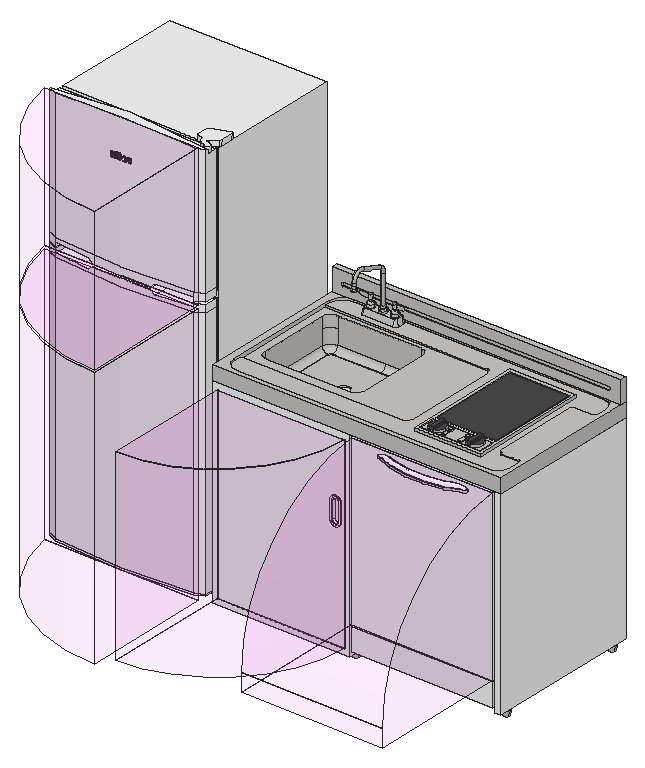
Revit family "QF_Summit_ACKDW751G_Kitchenette_with_Dishwasher_Refrigerator_Freezer", category Specialty Equipment, Revit 2020 (continued)
Automatic sketch dimensions
  curve 18 to curve 66 = 9/16"
  plane 8 "Center X" to curve 86 = 1 3/16"
  curve 86 to curve 66 = 0"
  curve 64 to curve 66 = 0"
  curve 60 to curve 62 = 0"
  curve 72 to curve 67 = 0"
  curve 20 to curve 30 = 9/16"
  curve 57 to curve 58 = 0"
  curve 34 to curve 32 = 0"
  plane 8 "Center X" to curve 53 = 3/16"
  curve 53 to curve 86 = 0"
  curve 38 to curve 35 = 0"
  curve 49 to curve 84 = 0"
  curve 42 to curve 39 = 0"
  plane 8 "Center X" to curve 42 = 3 15/16"
  curve 42 to curve 42 = 6.5615"
  curve 46 to curve 44 = 0"
  curve 41 to curve 42 = 0"
  curve 50 to curve 47 = 0"
  curve 37 to curve 38 = 0"
  curve 54 to curve 51 = 0"
  curve 32 to curve 34 = 0"
  curve 58 to curve 55 = 0"
  curve 70 to curve 60 = 0"
  curve 62 to curve 60 = 0"
  curve 84 to curve 47 = 0"
  curve 66 to curve 64 = 0"
  plane 7 "Center Y" to curve 77 = 8.78447"
  curve 37 to curve 25 = 1.6885"
  curve 25 to curve 26 = 1 1/2"
  curve 24 to curve 24 = 1 1/2"
  plane 7 "Center Y" to curve 75 = 5/16"
  curve 22 to plane 7 "Center Y" = 6 9/16"
  curve 27 to plane 7 "Center Y" = 6 9/16"
  curve 28 to curve 8 = 0.5002"
  curve 22 to curve 6 = 0.50059"
  curve 28 to curve 29 = 1 1/2"
  curve 8 to curve 7 = 2.2498"
  curve 8 to curve 76 = 2.62628"
  curve 76 to curve 3 = 7/8"
  plane 1 "BACK" to curve 16 = 3.24895"
  plane 1 "BACK" to curve 82 = 4 27/32"
  curve 6 to curve 23 = 1.59324"
  curve 15 to curve 15 = 1.63888"
  curve 20 to curve 30 = 13/32"
  curve 15 to curve 14 = 0.62759"
  curve 30 to curve 31 = 3/16"
  curve 32 to curve 34 = 13/16"
  curve 34 to curve 37 = 3/16"
  curve 35 to curve 38 = 13/16"
  curve 38 to curve 41 = 3/16"
  curve 42 to curve 45 = 3/16"
  curve 43 to curve 46 = 13/16"
  curve 46 to curve 47 = 3/16"
  curve 84 to curve 86 = 3/8"
  plane 8 "Center X" to curve 75 = 0.71625"
  curve 51 to curve 54 = 13/16"
  curve 54 to curve 55 = 3/16"
  curve 56 to curve 58 = 13/16"
  curve 58 to curve 61 = 3/16"
  curve 60 to curve 62 = 13/16"
  curve 62 to curve 65 = 3/16"
  curve 63 to curve 66 = 13/16"
  curve 66 to curve 69 = 3/16"
  curve 28 to curve 8 = 4.77645"
  curve 69 to curve 70 = 13/16"
  curve 70 to curve 71 = 3/16"
  curve 88 to curve 10 = 2.87587"
  curve 71 to curve 19 = 1 25/32"
  plane 5 "FRONT" to curve 77 = 10.37808"
  curve 14 to curve 14 = 0.01542"
  curve 75 to curve 74 = 1"
  curve 82 to plane 7 "Center Y" = 1.01413"
  curve 21 to curve 82 = 0"
  curve 82 to curve 23 = 5/8"
  curve 21 to curve 83 = 5/8"
  curve 77 to curve 76 = 0"
  curve 83 to curve 21 = 0"
  radius of Extrusion 11 sketch curve = 1/8"
  radius of Extrusion 16 sketch curve = 1"
  radius of Extrusion 18 sketch curve to Extrusion 1 = 0"  (x2)
  radius of Extrusion 24 sketch curve = 1 1/4"  (x2)
  radius of Extrusion 25 sketch curve to Extrusion 24 = 0"  (x4)
  radius of Extrusion 26 sketch curve = 0.28156"  (x2)
  radius of Extrusion 30 sketch curve = 1 1/4"  (x2)
  radius of Extrusion 31 sketch curve to Extrusion 30 = 0"  (x4)
  radius of Extrusion 32 sketch curve = 0.28156"  (x2)
Nested families (in)
  nested 1: "Summit_Faucet" at (23.9375, -1.0625, 36.125), type "Summit_Faucet"
    with Type Mark "", Specification by User "", Revision Code "", Item Number "", Installed By "", Identify Quantity as Lot yes, Furnished By "", Foodservice Equipment Identifier yes
  nested 2: "Summit_DW242WADA" at (40.9375, -2.75, 0), Show Clearance <- "Show Clearance", type "Summit_DW242WADA"
    with Show Clearance yes
  nested 3: "Summit_FF1427W" at (-9.125, 0, 0), Show Clearance <- "Show Clearance", Show LHD <- "Show LHD", Show RHD <- "Show RHD", type "Summit_FF1427W"
    with Show RHD yes, Show LHD no, Show Clearance yes
Connectors (in)
  electrical at (53.53753, 0.25, 3.16456), driven by "Volts", driven by "Apparent Power"
    settings: on Extrusion 11, index 1, voltage 115 V, apparent load 0 VA, apparent load phase1 0 VA, apparent load phase2 0 VA, apparent load phase3 0 VA, power factor 1, load classification "Other", number of poles 1, system type 30, power factor state 1, is connector primary yes, connector utility no, sub classification motor no, connector description "Electrical Connection"
  electrical at (16.125, -1.21875, 10), driven by "Volts"
    settings: on nested 3, index 2, voltage 115 V, apparent load 0 VA, apparent load phase1 0 VA, apparent load phase2 0 VA, apparent load phase3 0 VA, power factor 1, load classification "Other", number of poles 1, system type 30, power factor state 1, is connector primary no, connector utility no, sub classification motor no, connector description "Electrical Connection"
Definition of nested family "Summit_Faucet"
  Parameters (values of type "Summit_Faucet")
    Weight = ""
    URL Manufacturer = ""
    URL Cutsheet = ""
    URL = ""
    Type Mark [instance] = ""
    Specification by User [instance] = ""
    Specification by Manufacturer = ""
    Serial Number = ""
    Seismic Rating = ""
    SMACNA No = ""
    Revision Code [instance] = ""
    Omniclass Number and Title = ""
    NAFEM Spec ID Number = ""
    Model = ""
    MasterSpec. = ""
    Manufacturer = ""
    Item Number [instance] = ""
    Installed By [instance] = ""
    Identify Quantity as Lot [instance] = yes
    Furnished By [instance] = ""
    Foodservice Equipment Identifier [instance] = yes
    Default Elevation = 0"
    CSI MasterFormat = ""
    CSI Master Format = ""
  Reference planes (in)
    plane 1 "BACK": y = 0
    plane 2: z = 0
    plane 3 "LEFT": x = 0
    plane 4 "RIGHT": x = 6
    plane 5 "FRONT": y = -2
    plane 6 "TOP": z = 9.5
    plane 7: x = 3
    plane 8: x = 1
    plane 9: x = 5
    plane 10: z = 6.75
    plane 11: y = -1
    plane 12: y = -7
  Forms (in)
    Blend 1, solid
      base sketch origin (0, 0, 0) x (1, 0, 0) y (0, 1, 0)
        loop
          arc (0.5, 0) -> (0.14645, -0.14645) -> (0, -0.5) r 0.5
          line (0, -0.5) -> (0, -1.5)
          arc (0, -1.5) -> (0.14645, -1.85355) -> (0.5, -2) r 0.5
          line (0.5, -2) -> (5.5, -2)
          arc (5.5, -2) -> (5.85355, -1.85355) -> (6, -1.5) r 0.5
          line (6, -1.5) -> (6, -0.5)
          arc (6, -0.5) -> (5.85355, -0.14645) -> (5.5, 0) r 0.5
          line (5.5, 0) -> (0.5, 0)
      top sketch origin (0, 0, 0) x (1, 0, 0) y (0, 1, 0)
        loop
          line (5.5, -0.25) -> (0.5, -0.25)
          arc (0.5, -0.25) -> (0.32322, -0.32322) -> (0.25, -0.5) r 0.25
          line (0.25, -0.5) -> (0.25, -1.5)
          arc (0.25, -1.5) -> (0.32322, -1.67678) -> (0.5, -1.75) r 0.25
          line (0.5, -1.75) -> (5.5, -1.75)
          arc (5.5, -1.75) -> (5.67678, -1.67678) -> (5.75, -1.5) r 0.25
          line (5.75, -1.5) -> (5.75, -0.5)
          arc (5.75, -0.5) -> (5.67678, -0.32322) -> (5.5, -0.25) r 0.25
      from 0 to 1
    Extrusion 2, solid
      sketch origin (0, -0.09496, -3.5) x (1, 0, 0) y (0, 0, 1)
        loop
          line (4.82421, 6.36488) -> (4.82421, 5.7908) -> (5.75768, 5.80403) -> (6.42048, 5.89366)
          arc (6.42048, 5.89366) -> (6.70947, 6.05462) -> (6.82421, 6.36488) r 0.47687
          line (6.82421, 6.36488) -> (4.82421, 6.36488)
      from 0.77919 to 1.02919
    Revolve 3, solid
      sketch origin (-4.03517, -1, 0) x (1, 0, 0) y (0, 0, 1)
        loop
          line (5.03934, 1) -> (5.03934, 3.02505)
          arc (5.03934, 3.02505) -> (4.87585, 2.98746) -> (4.76133, 2.86488) r 0.2869
          line (4.76133, 2.86488) -> (4.76133, 2.2908) -> (4.87917, 2.2908) -> (4.87917, 1.83261)
          arc (4.87917, 1.83261) -> (4.65407, 1.74222) -> (4.60414, 1.50485) r 0.25731
          line (4.60414, 1.50485) -> (4.45379, 1.50485) -> (4.45379, 1.1768) -> (4.53934, 1.1768) -> (4.53934, 1) -> (5.03934, 1)
        axis (5.03934, 1) -> (5.03934, 3.02505)
      angle from 0 to 360
    Revolve 4, solid
      sketch origin (10.03517, -0.99916, 0) x (-1, 0, 0) y (0, 0, -1)
        loop
          line (5.03934, -1) -> (4.53934, -1) -> (4.53934, -1.1768) -> (4.45379, -1.1768) -> (4.45379, -1.50485) -> (4.60414, -1.50485)
          arc (4.60414, -1.50485) -> (4.65407, -1.74222) -> (4.87917, -1.83261) r 0.25731
          line (4.87917, -1.83261) -> (4.87917, -2.2908) -> (4.76133, -2.2908) -> (4.76133, -2.86488)
          arc (4.76133, -2.86488) -> (4.87585, -2.98746) -> (5.03934, -3.02505) r 0.2869
          line (5.03934, -3.02505) -> (5.03934, -1)
        axis (5.03934, -1) -> (5.03934, -3.02505)
      angle from 0 to 360
    Extrusion 5, solid
      sketch origin (6, -0.09496, -3.5) x (-1, 0, 0) y (0, 0, -1)
        loop
          line (4.82421, -6.36488) -> (6.82421, -6.36488)
          arc (6.82421, -6.36488) -> (6.70947, -6.05462) -> (6.42048, -5.89366) r 0.47687
          line (6.42048, -5.89366) -> (5.75768, -5.80403) -> (4.82421, -5.7908) -> (4.82421, -6.36488)
      from 0.77919 to 1.02919
    Revolve 6, solid
      sketch origin (0, -7, 0) x (1, 0, 0) y (0, 0, 1)
        loop
          line (3, 7.59291) -> (2.75, 7.59291) -> (2.75, 7.16874) -> (2.625, 6.95223) -> (2.625, 6.75) -> (3, 6.75) -> (3, 7.59291)
        axis (3, 6.75) -> (3, 7.59291)
      angle from 0 to 360
    Sweep 7, solid
      path origin (3, 0, 0) x (0, 1, 0) y (0, 0, 1)
        loop
          line (-7, 7.59291) -> (-7, 8.04139)
          arc (-7, 8.04139) -> (-6.46697, 9.06533) -> (-5.32247, 9.21601) r 1.25
          line (-5.32247, 9.21601) -> (-1.75198, 7.91645)
          arc (-1.75198, 7.91645) -> (-1.20668, 7.49803) -> (-1, 6.84252) r 1.14286
          line (-1, 6.84252) -> (-1, 2)
      profile origin (3, -7, 7.81715) x (0, -1, 0) y (1, 0, 0)
        loop
          circle (0, 0) r 0.25
    Revolve 8, solid
      sketch origin (8.03517, -0.9375, -3.5) x (-1, 0, 0) y (0, 0, -1)
        loop
          line (5.03934, -4.5) -> (4.40363, -4.5) -> (4.40363, -4.67045) -> (4.50358, -4.67045) -> (4.50358, -5.02398) -> (4.68786, -5.13038) -> (4.68786, -5.5) -> (5.03934, -5.5) -> (5.03934, -4.5)
        axis (5.03934, -4.5) -> (5.03934, -5.5)
      angle from 0 to 360
  Cuts and joins
    joined: Revolve 6, Sweep 7
  Lines and regions (in)
    symbolic lines
      curve 1: line (2.67337, -7.08919, 0) -> (2.67337, -1, 0)
      curve 2: line (3.29837, -7.08919, 0) -> (3.29837, -1, 0)
      curve 3: arc (3.29837, -1, 0) -> (2.98587, -0.6875, 0) -> (2.67337, -1, 0) r 0.3125
      curve 4: arc (3.29837, -1.40113, 0) -> (2.98587, -0.49151, 0) -> (2.67337, -1.40113, 0) r 0.50849
      curve 5: arc (3.29837, -1.5749, 0) -> (3.01791, -0.35019, 0) -> (2.67337, -1.55844, 0) r 0.6486
      curve 6: line (4.38304, -0.63916, 0) -> (5.00804, -0.27831, 0)
      curve 7: line (5.00804, -0.27831, 0) -> (5.63304, -0.63916, 0)
      curve 8: line (5.63304, -0.63916, 0) -> (5.63304, -1.26764, 0)
      curve 9: line (4.38304, -1.36084, 0) -> (4.38304, -0.63916, 0)
      curve 10: line (5.00804, -1.72169, 0) -> (4.38304, -1.36084, 0)
      curve 11: line (5.23435, -1.59103, 0) -> (5.00804, -1.72169, 0)
      curve 12: arc (5.53526, -1.17341, 0) -> (4.61465, -0.60851, 0) -> (5.18402, -1.52636, 0) r 0.555
      curve 13: arc (5.28147, -0.74178, 0) -> (4.74077, -0.73099, 0) -> (4.75156, -1.27169, 0) r 0.375
      curve 14: arc (4.75156, -1.27169, 0) -> (4.84744, -1.34648, 0) -> (4.96221, -1.38665, 0) r 0.375
      curve 15: arc (5.23435, -1.59103, 0) -> (5.11621, -1.46497, 0) -> (4.96221, -1.38665, 0) r 0.5
      curve 16: line (5.22231, -1.58455, 0) -> (6.43111, -2.61867, 0)
      curve 17: arc (6.43111, -2.61867, 0) -> (6.60796, -2.59971, 0) -> (6.62691, -2.42286, 0) r 0.14168
      curve 18: line (5.58934, -1.21683, 0) -> (6.62691, -2.42286, 0)
      curve 19: arc (5.39644, -0.95243, 0) -> (5.47064, -1.10086, 0) -> (5.58934, -1.21683, 0) r 0.5
      curve 20: arc (5.39644, -0.95243, 0) -> (5.35626, -0.83766, 0) -> (5.28147, -0.74178, 0) r 0.375
      curve 21: line (1.62658, -0.63916, 0) -> (1.00158, -0.27831, 0)
      curve 22: line (1.62658, -1.36084, 0) -> (1.62658, -0.63916, 0)
      curve 23: line (1.00158, -1.72169, 0) -> (1.62658, -1.36084, 0)
      curve 24: line (0.77192, -1.58909, 0) -> (1.00158, -1.72169, 0)
      curve 25: line (0.77192, -1.58909, 0) -> (-0.42292, -2.61705, 0)
      curve 26: arc (-0.61721, -2.42277, 0) -> (-0.59834, -2.59818, 0) -> (-0.42292, -2.61705, 0) r 0.1406
      curve 27: line (0.42029, -1.21683, 0) -> (-0.61721, -2.42277, 0)
      curve 28: arc (0.42029, -1.21683, 0) -> (0.53899, -1.10086, 0) -> (0.61319, -0.95243, 0) r 0.5
      curve 29: arc (1.04741, -1.38665, 0) -> (0.89898, -1.46086, 0) -> (0.78301, -1.57955, 0) r 0.5
      curve 30: arc (1.04741, -1.38665, 0) -> (1.16218, -1.34648, 0) -> (1.25806, -1.27169, 0) r 0.375
      curve 31: arc (1.25806, -1.27169, 0) -> (1.26885, -0.73099, 0) -> (0.72816, -0.74178, 0) r 0.375
      curve 32: arc (0.72816, -0.74178, 0) -> (0.65337, -0.83766, 0) -> (0.61319, -0.95243, 0) r 0.375
      curve 33: circle (1.00158, -1, 0) r 0.225 normal (0, 0, 1)
      curve 34: line (1.00158, -0.27831, 0) -> (0.37658, -0.63916, 0)
      curve 35: line (0.37658, -0.63916, 0) -> (0.37658, -1.26764, 0)
      curve 36: arc (0.82561, -1.52636, 0) -> (1.39498, -0.60851, 0) -> (0.47437, -1.17341, 0) r 0.555
      curve 37: arc (2.67337, -6.68325, 0) -> (2.98587, -7.60148, 0) -> (3.29837, -6.68325, 0) r 0.51229
      curve 38: arc (2.67337, -7.08919, 0) -> (2.98587, -7.40169, 0) -> (3.29837, -7.08919, 0) r 0.3125
      curve 39: line (3.29837, -2, 0) -> (5.51871, -2, 0)
      curve 40: line (6, -1.5, 0) -> (6, -0.5, 0)
      curve 41: line (5.5, 0, 0) -> (0.5, 0, 0)
      curve 42: line (0, -0.5, 0) -> (0, -1.5, 0)
      curve 43: line (0.5, -2, 0) -> (2.67337, -2, 0)
      curve 44: line (0.58489, -1.75, 0) -> (2.67337, -1.75, 0)
      curve 45: line (3.29837, -1.75, 0) -> (5.41571, -1.75, 0)
      curve 46: line (0.5, -0.25, 0) -> (5.5, -0.25, 0)
      curve 47: arc (5.75, -0.5, 0) -> (5.67678, -0.32322, 0) -> (5.5, -0.25, 0) r 0.25
      curve 48: arc (0.5, -0.25, 0) -> (0.32322, -0.32322, 0) -> (0.25, -0.5, 0) r 0.25
      curve 49: line (0.25, -1.41477, 0) -> (0.25, -0.5, 0)
      curve 50: line (5.75, -0.5, 0) -> (5.75, -1.40358, 0)
      curve 51: line (0.05911, -1.63665, 0) -> (0, -1.5, 0)
      curve 52: line (0.5, -2, 0) -> (0.35546, -1.94739, 0)
      curve 53: line (5.64118, -1.94289, 0) -> (5.51871, -2, 0)
      curve 54: line (5.94504, -1.63028, 0) -> (6, -1.5, 0)
      curve 55: arc (5.5, 0, 0) -> (5.85355, -0.14645, 0) -> (6, -0.5, 0) r 0.5
      curve 56: arc (0, -0.5, 0) -> (0.14645, -0.14645, 0) -> (0.5, 0, 0) r 0.5
      curve 57: circle (4.99842, -1, 0) r 0.225 normal (0, 0, -1)
  Dimensions and locks (in)
    equal spacing: plane 4 "RIGHT", plane 7, plane 3 "LEFT"
    plane 6 "TOP" to plane 2 = 9 1/2"
    aligned and locked: level to plane 2
  Automatic sketch dimensions
    Blend 1 sketch curve to plane 3 "LEFT" = 0"
    plane 5 "FRONT" to Blend 1 sketch curve = 0"
    plane 1 "BACK" to Blend 1 sketch curve = 0"
    Blend 1 sketch curve to plane 4 "RIGHT" = 0"
    plane 3 "LEFT" to Blend 1 sketch curve = 1/2"  (x2)
    Blend 1 sketch curve to plane 4 "RIGHT" = 1/2"  (x3)
    plane 1 "BACK" to Blend 1 sketch curve = 1/2"  (x2)
    plane 3 "LEFT" to Blend 1 sketch curve = 1/4"
    Blend 1 sketch curve to Blend 1 sketch curve = 1/4"  (x3)
    Blend 1 sketch curve to plane 5 "FRONT" = 1/4"
    plane 9 to Extrusion 2 sketch curve = 45/256"
    Extrusion 2 sketch curve to plane 4 "RIGHT" = 0.24232"
    plane 4 "RIGHT" to Extrusion 2 sketch curve = 0.34735"
    plane 4 "RIGHT" to Extrusion 2 sketch curve = 0.42048"
    Extrusion 2 sketch curve to plane 10 = 3.88512"
    Extrusion 2 sketch curve to Extrusion 2 sketch curve = 0.47687"
    Extrusion 2 sketch curve to Extrusion 2 sketch curve = 0.08963"
    Extrusion 2 sketch curve to Extrusion 2 sketch curve = 0.57408"
    plane 8 to Extrusion 5 sketch curve = 45/256"
    plane 3 "LEFT" to Extrusion 5 sketch curve = 0.24232"
    Extrusion 5 sketch curve to plane 3 "LEFT" = 0.34735"
    Extrusion 5 sketch curve to plane 3 "LEFT" = 0.42048"
    Extrusion 5 sketch curve to plane 10 = 3.88512"
    Extrusion 5 sketch curve to Extrusion 5 sketch curve = 0.47687"
    Extrusion 5 sketch curve to Extrusion 5 sketch curve = 0.08963"
    Extrusion 5 sketch curve to Extrusion 5 sketch curve = 0.57408"
    Revolve 6 sketch curve to plane 10 = 0"
    plane 7 to Revolve 6 sketch curve = 0"  (x2)
    Revolve 6 sketch curve to Revolve 6 sketch curve = 1/4"
    Revolve 6 sketch curve to Revolve 6 sketch curve = 1/8"
    plane 10 to Revolve 6 sketch curve = 0.20223"
    Revolve 6 sketch curve to Revolve 6 sketch curve = 0.21651"
    Revolve 6 sketch curve to Revolve 6 sketch curve = 0.42418"
    Revolve 6 sketch curve to Revolve 6 sketch curve = 0.09934"
    Revolve 6 sketch curve to Revolve 6 sketch curve = 0.33586"
    plane 7 to Revolve 8 sketch curve = 0.63154"
    Revolve 8 sketch curve to Revolve 8 sketch curve = 0.09994"
    Revolve 8 sketch curve to Revolve 8 sketch curve = 0.18428"
    Revolve 8 sketch curve to plane 7 = 0.00417"  (x2)
    Revolve 8 sketch curve to plane 10 = 3.2092"
    Revolve 8 sketch curve to plane 10 = 4 3/4"
    Revolve 8 sketch curve to Revolve 8 sketch curve = 0.5408"
    Revolve 8 sketch curve to Revolve 8 sketch curve = 0.36962"
    Revolve 8 sketch curve to Revolve 8 sketch curve = 0.1064"
    Revolve 8 sketch curve to Revolve 8 sketch curve = 0.35353"
    Revolve 8 sketch curve to Revolve 8 sketch curve = 0.17045"
    Revolve 3 sketch curve to plane 8 = 0.0161"
    Revolve 3 sketch curve to plane 8 = 0.156"
    Revolve 3 sketch curve to plane 8 = 0.18399"
    Revolve 3 sketch curve to Revolve 3 sketch curve = 0.11783"
    Revolve 3 sketch curve to Revolve 3 sketch curve = 0.24704"
    Revolve 3 sketch curve to plane 8 = 0.49583"
    Revolve 3 sketch curve to Revolve 3 sketch curve = 0.08555"
    plane 8 to Revolve 3 sketch curve = 0.00417"  (x2)
    level to Revolve 3 sketch curve = 1"
    Revolve 3 sketch curve to Revolve 3 sketch curve = 0.1768"
    Revolve 3 sketch curve to Revolve 3 sketch curve = 0.32805"
    Revolve 3 sketch curve to Revolve 3 sketch curve = 0.07197"
    Revolve 3 sketch curve to Revolve 3 sketch curve = 0.45819"
    Revolve 3 sketch curve to Revolve 3 sketch curve = 1/4"
    Revolve 3 sketch curve to Revolve 3 sketch curve = 0.19807"
    Revolve 3 sketch curve to Revolve 3 sketch curve = 0.12601"
    plane 10 to Revolve 3 sketch curve = 0.2908"
    Revolve 4 sketch curve to plane 9 = 0.0161"
    Revolve 4 sketch curve to plane 9 = 0.156"
    Revolve 4 sketch curve to plane 9 = 0.18399"
    Revolve 4 sketch curve to plane 9 = 0.27384"
    Revolve 4 sketch curve to Revolve 4 sketch curve = 0.24704"
    Revolve 4 sketch curve to plane 9 = 0.49583"
    Revolve 4 sketch curve to Revolve 4 sketch curve = 0.08555"
    plane 9 to Revolve 4 sketch curve = 0.00417"  (x2)
    level to Revolve 4 sketch curve = 1"
    Revolve 4 sketch curve to Revolve 4 sketch curve = 0.1768"
    Revolve 4 sketch curve to Revolve 4 sketch curve = 0.32805"
    Revolve 4 sketch curve to Revolve 4 sketch curve = 0.07197"
    Revolve 4 sketch curve to Revolve 4 sketch curve = 0.45819"
    Revolve 4 sketch curve to Revolve 4 sketch curve = 1/4"
    Revolve 4 sketch curve to Revolve 4 sketch curve = 0.19807"
    Revolve 4 sketch curve to Revolve 4 sketch curve = 0.12601"
    plane 10 to Revolve 4 sketch curve = 0.2908"
    curve 3 to curve 4 = 0"  (x2)
    curve 30 to curve 32 = 0"  (x2)
    curve 33 to curve 36 = 0"  (x2)
    curve 37 to curve 38 = 0"  (x2)
    curve 47 to curve 55 = 0"  (x2)
    curve 48 to curve 56 = 0"  (x2)
    curve 42 to plane 3 "LEFT" = 0"
    plane 5 "FRONT" to curve 43 = 0"
    plane 1 "BACK" to curve 56 = 0"
    curve 36 to plane 11 = 0"
    curve 3 to plane 11 = 0"
    plane 5 "FRONT" to curve 39 = 0"
    curve 57 to plane 11 = 0"
    curve 12 to plane 11 = 0"
    curve 54 to plane 4 "RIGHT" = 0"
    curve 26 to plane 3 "LEFT" = 0.42292"
    curve 26 to curve 25 = 0.07599"
    curve 27 to curve 26 = 0.11829"
    plane 3 "LEFT" to curve 51 = 0.05911"
    plane 3 "LEFT" to curve 28 = 0.13506"
    curve 56 to curve 49 = 1/4"
    curve 52 to plane 5 "FRONT" = 0.05261"
    plane 3 "LEFT" to curve 52 = 91/256"
    curve 49 to curve 35 = 0.12658"
    curve 35 to curve 28 = 0.04371"
    curve 28 to curve 36 = 0.05408"
    curve 52 to curve 43 = 37/256"
    curve 48 to curve 46 = 1/4"
    curve 43 to curve 44 = 0.08489"
    plane 11 to curve 28 = 0.04757"
    curve 36 to curve 28 = 0.13882"
    curve 28 to curve 32 = 0.11497"
    curve 24 to plane 8 = 0.22808"
    curve 24 to curve 29 = 0.01109"
    curve 29 to curve 36 = 0.0426"
    curve 32 to plane 8 = 0.01747"
    plane 8 to curve 36 = 0.00158"
    plane 8 to curve 21 = 0.00158"
    plane 8 to curve 23 = 0.00158"
    plane 8 to curve 31 = 0.00369"
    plane 8 to curve 30 = 0.04741"
    plane 8 to curve 29 = 0.19367"
    curve 29 to curve 31 = 0.21065"
    plane 8 to curve 22 = 0.62658"
    curve 1 to plane 12 = 0.08919"
    curve 1 to plane 7 = 0.32663"
    curve 37 to plane 7 = 0.01413"
    plane 7 to curve 5 = 0.00083"
    plane 9 to curve 6 = 0.61696"
    plane 9 to curve 13 = 0.24844"
    plane 9 to curve 15 = 0.18405"
    plane 9 to curve 15 = 0.03779"
    plane 9 to curve 57 = 0.00158"
    plane 11 to curve 13 = 0.00384"
    curve 13 to plane 9 = 0.00594"
    curve 11 to plane 9 = 0.00804"
    curve 7 to plane 9 = 0.00804"
    curve 13 to curve 12 = 0.00211"
    curve 12 to curve 20 = 0.01905"
    curve 20 to curve 14 = 0"
    curve 12 to plane 9 = 0.18402"
    curve 12 to curve 16 = 0.0383"
    curve 16 to curve 15 = 0.01204"
    curve 13 to plane 9 = 0.28147"
    plane 11 to curve 19 = 0.04757"
    curve 13 to curve 19 = 0.11497"
    curve 11 to curve 45 = 0.18136"
    curve 41 to plane 4 "RIGHT" = 1/2"
    curve 45 to curve 39 = 0.103"
    curve 12 to plane 11 = 0.17341"
    curve 20 to curve 12 = 0.13882"
    curve 12 to curve 19 = 0.05408"
    curve 18 to curve 8 = 0.04371"
    curve 53 to plane 5 "FRONT" = 0.05711"
    curve 39 to curve 53 = 0.12247"
    curve 19 to plane 4 "RIGHT" = 0.12544"
    curve 54 to plane 4 "RIGHT" = 0.05496"
    plane 4 "RIGHT" to curve 17 = 0.43111"
    curve 16 to curve 17 = 0.07667"
    curve 17 to curve 18 = 0.11914"
    plane 12 to curve 37 = 0.31675"
    plane 5 "FRONT" to curve 17 = 0.61867"
    plane 5 "FRONT" to curve 26 = 0.61705"
    curve 17 to curve 17 = 0.11914"
    curve 25 to curve 26 = 0.11829"
    curve 15 to plane 5 "FRONT" = 0.13522"
    curve 29 to plane 5 "FRONT" = 0.13522"
    curve 29 to curve 24 = 0.14309"
    curve 15 to curve 10 = 0.14309"
    curve 52 to curve 51 = 0.31074"
    curve 45 to curve 5 = 0.1751"
    curve 44 to curve 5 = 0.19156"
    curve 51 to curve 51 = 0.13665"
    curve 54 to curve 54 = 0.13028"
    curve 5 to curve 4 = 0.15731"
    curve 9 to plane 11 = 0.36084"
    curve 22 to plane 11 = 0.36084"
    curve 29 to curve 30 = 0.11497"
    curve 14 to curve 13 = 0.11497"
    plane 11 to curve 21 = 0.36084"
    plane 11 to curve 6 = 0.36084"
    curve 8 to curve 47 = 0.13916"
    curve 34 to curve 48 = 0.13916"
    plane 1 "BACK" to curve 34 = 0.27831"
    plane 1 "BACK" to curve 7 = 0.27831"
    Sweep 7 sketch curve to profile plane = 0"  (x2)
    Sweep 7 sketch curve to plane 12 = 0"
    Sweep 7 sketch curve to plane 11 = 0"
    plane 12 to Sweep 7 sketch curve = 1 1/4"
    Sweep 7 sketch curve to plane 6 "TOP" = 0.28399"
    Sweep 7 sketch curve to Sweep 7 sketch curve = 0.42753"
    plane 5 "FRONT" to Sweep 7 sketch curve = 0.14286"
    Sweep 7 sketch curve to plane 5 "FRONT" = 0.24802"
    plane 10 to Sweep 7 sketch curve = 1.16645"
    Sweep 7 sketch curve to Sweep 7 sketch curve = 0.44847"
    level to Sweep 7 sketch curve = 2"
    radius of curve 33 = 0.225"
    radius of curve 57 = 0.225"
    radius of Sweep 7 sketch curve = 1/4"
Definition of nested family "Summit_DW242WADA"
  Parameters (values of type "Summit_DW242WADA")
    Show Clearance [instance] = yes
    Model = "DW242WADA"
    Manufacturer = "Summit"
    Length = 23 1/2"
    Height = 34"
    Description = "Dishwasher"
    Depth = 22 1/2"
    Default Elevation = 0"
  Reference planes (in)
    plane 1: z = 0
    plane 2 "LEFT": x = 0
    plane 3 "RIGHT": x = 23.5
    plane 4 "FRONT": y = -23.25
    plane 5 "TOP": z = 34
    plane 6 "Center Y": x = 11.75
    plane 7 "Center X": y = -12
    plane 8 "BACK": y = -0.75
    plane 9 "Base Hieght": z = 1.75
    plane 10: y = -46.25
    plane 11: y = -25
    plane 12: y = -21
    plane 13: z = 5.75
    plane 14: z = 5.50139
  Forms (in)
    Extrusion 1, solid
      sketch origin (0, 0, 1.75) x (-1, 0, 0) y (0, -1, 0)
        loop
          line (0, 0.75) -> (0, 21) -> (-23.5, 21) -> (-23.5, 0.75) -> (0, 0.75)
      from 0.25139 to 32.25
    Extrusion 2, solid
      sketch origin (0, 0, 1.75) x (-1, 0, 0) y (0, -1, 0)
        loop
          line (0, 21.2625) -> (0, 23.25) -> (-23.5, 23.25) -> (-23.5, 21.2625) -> (0, 21.2625)
      from 4 to 32
    Extrusion 3, solid
      sketch origin (0, 0, 33.75) x (-1, 0, 0) y (0, -1, 0)
        loop
          line (-23.5, 23.25) -> (-23.5, 21.2625) -> (0, 21.2625) -> (0, 23.25) -> (-23.5, 23.25)
      from 0 to 0.25
    Extrusion 4, solid
      sketch origin (23.5, -21, 1.75) x (-1, 0, 0) y (0, 0, -1)
        loop
          line (22.75, -31.25) -> (22.75, -4.75) -> (0.75, -4.75) -> (0.75, -31.25) -> (22.75, -31.25)
      from 0 to 0.2625
    Extrusion 5, solid
      sketch origin (0, -0.75, 1.75) x (1, 0, 0) y (0, 0, -1)
        loop
          circle (9, -1.94027) r 0.5
        loop
          circle (7, -1.94027) r 0.5
        loop
          circle (11.05034, -1.94027) r 0.25
      from 0 to 0.25
    Extrusion 6, solid
      sketch origin (0, -23.25, 0) x (1, 0, 0) y (0, 0, 1)
        loop
          line (0, 5.50139) -> (0, 1.75) -> (23.5, 1.75) -> (23.5, 5.50139) -> (0, 5.50139)
      from 0 to -2.25
    Revolve 7, solid
      sketch origin (0, -19.21875, 0) x (1, 0, 0) y (0, 0, 1)
        loop
          line (21.75, 0) -> (21.75, 2.00139) -> (21.5, 2.00139) -> (21.5, 1.90625) -> (21.12689, 1.90625) -> (21.12689, 1.75) -> (21.25, 1.75) -> (21.25, 0.125) -> (21, 0.125) -> (21, 0) -> (21.75, 0)
        axis (21.75, 2.00139) -> (21.75, 0)
      angle from 0 to 360
    Revolve 8, solid
      sketch origin (0, -2.53125, 0) x (1, 0, 0) y (0, 0, -1)
        loop
          line (21.75, 0) -> (21, 0) -> (21, -0.125) -> (21.25, -0.125) -> (21.25, -1.75) -> (21.12689, -1.75) -> (21.12689, -1.90625) -> (21.5, -1.90625) -> (21.5, -2.00139) -> (21.75, -2.00139) -> (21.75, 0)
        axis (21.75, -2.00139) -> (21.75, 0)
      angle from 0 to 360
    Revolve 9, solid
      sketch origin (-10, -19.21875, 0) x (1, 0, 0) y (0, 0, 1)
        loop
          line (21.75, 0) -> (21.75, 2.00139) -> (21.5, 2.00139) -> (21.5, 1.90625) -> (21.12689, 1.90625) -> (21.12689, 1.75) -> (21.25, 1.75) -> (21.25, 0.125) -> (21, 0.125) -> (21, 0) -> (21.75, 0)
        axis (21.75, 2.00139) -> (21.75, 0)
      angle from 0 to 360
    Revolve 10, solid
      sketch origin (-10, -2.53125, 0) x (1, 0, 0) y (0, 0, -1)
        loop
          line (21.75, 0) -> (21, 0) -> (21, -0.125) -> (21.25, -0.125) -> (21.25, -1.75) -> (21.12689, -1.75) -> (21.12689, -1.90625) -> (21.5, -1.90625) -> (21.5, -2.00139) -> (21.75, -2.00139) -> (21.75, 0)
        axis (21.75, -2.00139) -> (21.75, 0)
      angle from 0 to 360
    Revolve 11, solid
      sketch origin (-20, -19.21875, 0) x (1, 0, 0) y (0, 0, 1)
        loop
          line (21.75, 0) -> (21.75, 2.00139) -> (21.5, 2.00139) -> (21.5, 1.90625) -> (21.12689, 1.90625) -> (21.12689, 1.75) -> (21.25, 1.75) -> (21.25, 0.125) -> (21, 0.125) -> (21, 0) -> (21.75, 0)
        axis (21.75, 2.00139) -> (21.75, 0)
      angle from 0 to 360
    Revolve 12, solid
      sketch origin (-20, -2.53125, 0) x (1, 0, 0) y (0, 0, -1)
        loop
          line (21.75, 0) -> (21, 0) -> (21, -0.125) -> (21.25, -0.125) -> (21.25, -1.75) -> (21.12689, -1.75) -> (21.12689, -1.90625) -> (21.5, -1.90625) -> (21.5, -2.00139) -> (21.75, -2.00139) -> (21.75, 0)
        axis (21.75, -2.00139) -> (21.75, 0)
      angle from 0 to 360
    Sweep 13, solid
      path origin (0, 0, 34) x (-1, 0, 0) y (0, -1, 0)
        loop
          line (-4.22473, 22.5) -> (-4.22473, 23.25)
          arc (-4.22473, 23.25) -> (-11.75, 25) -> (-19.27527, 23.25) r 17.05493
          line (-19.27527, 23.25) -> (-19.27527, 22.5)
      profile origin (19.27527, -22.875, 34) x (-1, 0, 0) y (0, 0, 1)
        loop
          line (0.52527, -2) -> (0.65027, -2) -> (0.65027, -0.875) -> (0.52527, -0.875)
          arc (0.52527, -0.875) -> (0.17172, -1.02145) -> (0.02527, -1.375) r 0.5
          line (0.02527, -1.375) -> (0.02527, -1.5)
          arc (0.02527, -1.5) -> (0.17172, -1.85355) -> (0.52527, -2) r 0.5
    Extrusion 14, solid, visible <- "Show Clearance"
      sketch origin (0, 0, 0) x (0, 1, 0) y (0, 0, 1)
        loop
          arc (-46.24626, 8.6875) -> (-39.62706, 25.70168) -> (-23.25, 33.76938) r 25.17646
          line (-23.25, 33.76938) -> (-23.25, 5.75) -> (-46.25, 5.75) -> (-46.25, 8.6875)
      from 0 to 23.5
  Lines and regions (in)
    Split face 1
      outline origin (0, 0, 34) x (-1, 0, 0) y (0, -1, 0)
        loop
          arc (-19.53074, 21.75321) -> (-19.51659, 21.75907) -> (-19.51074, 21.77321) r 0.02
          line (-19.51074, 21.77321) -> (-19.51074, 21.98321)
          arc (-19.51074, 21.98321) -> (-19.51659, 21.99735) -> (-19.53074, 22.00321) r 0.02
          line (-19.53074, 22.00321) -> (-20.24074, 22.00321)
          arc (-20.24074, 22.00321) -> (-20.25488, 21.99735) -> (-20.26074, 21.98321) r 0.02
          line (-20.26074, 21.98321) -> (-20.26074, 21.77321)
          arc (-20.26074, 21.77321) -> (-20.25488, 21.75907) -> (-20.24074, 21.75321) r 0.02
          line (-20.24074, 21.75321) -> (-19.53074, 21.75321)
    Split face 2
      outline origin (0, 0, 34) x (-1, 0, 0) y (0, -1, 0)
        loop
          line (-17.85147, 22.00321) -> (-18.56147, 22.00321)
          arc (-18.56147, 22.00321) -> (-18.57562, 21.99735) -> (-18.58147, 21.98321) r 0.02
          line (-18.58147, 21.98321) -> (-18.58147, 21.77321)
          arc (-18.58147, 21.77321) -> (-18.57562, 21.75907) -> (-18.56147, 21.75321) r 0.02
          line (-18.56147, 21.75321) -> (-17.85147, 21.75321)
          arc (-17.85147, 21.75321) -> (-17.83733, 21.75907) -> (-17.83147, 21.77321) r 0.02
          line (-17.83147, 21.77321) -> (-17.83147, 21.98321)
          arc (-17.83147, 21.98321) -> (-17.83733, 21.99735) -> (-17.85147, 22.00321) r 0.02
    Split face 3
      outline origin (0, 0, 34) x (-1, 0, 0) y (0, -1, 0)
        loop
          arc (-16.38636, 21.75321) -> (-16.37222, 21.75907) -> (-16.36636, 21.77321) r 0.02
          line (-16.36636, 21.77321) -> (-16.36636, 21.98321)
          arc (-16.36636, 21.98321) -> (-16.37222, 21.99735) -> (-16.38636, 22.00321) r 0.02
          line (-16.38636, 22.00321) -> (-17.09636, 22.00321)
          arc (-17.09636, 22.00321) -> (-17.1105, 21.99735) -> (-17.11636, 21.98321) r 0.02
          line (-17.11636, 21.98321) -> (-17.11636, 21.77321)
          arc (-17.11636, 21.77321) -> (-17.1105, 21.75907) -> (-17.09636, 21.75321) r 0.02
          line (-17.09636, 21.75321) -> (-16.38636, 21.75321)
    Split face 4
      outline origin (0, 0, 34) x (-1, 0, 0) y (0, -1, 0)
        loop
          arc (-14.78649, 21.75321) -> (-14.77235, 21.75907) -> (-14.76649, 21.77321) r 0.02
          line (-14.76649, 21.77321) -> (-14.76649, 21.98321)
          arc (-14.76649, 21.98321) -> (-14.77235, 21.99735) -> (-14.78649, 22.00321) r 0.02
          line (-14.78649, 22.00321) -> (-15.49649, 22.00321)
          arc (-15.49649, 22.00321) -> (-15.51063, 21.99735) -> (-15.51649, 21.98321) r 0.02
          line (-15.51649, 21.98321) -> (-15.51649, 21.77321)
          arc (-15.51649, 21.77321) -> (-15.51063, 21.75907) -> (-15.49649, 21.75321) r 0.02
          line (-15.49649, 21.75321) -> (-14.78649, 21.75321)
    Split face 5
      outline origin (0, 0, 34) x (-1, 0, 0) y (0, -1, 0)
        loop
          arc (-13.02902, 21.75321) -> (-13.01488, 21.75907) -> (-13.00902, 21.77321) r 0.02
          line (-13.00902, 21.77321) -> (-13.00902, 21.98321)
          arc (-13.00902, 21.98321) -> (-13.01488, 21.99735) -> (-13.02902, 22.00321) r 0.02
          line (-13.02902, 22.00321) -> (-13.73902, 22.00321)
          arc (-13.73902, 22.00321) -> (-13.75316, 21.99735) -> (-13.75902, 21.98321) r 0.02
          line (-13.75902, 21.98321) -> (-13.75902, 21.77321)
          arc (-13.75902, 21.77321) -> (-13.75316, 21.75907) -> (-13.73902, 21.75321) r 0.02
          line (-13.73902, 21.75321) -> (-13.02902, 21.75321)
    Split face 6
      outline origin (0, 0, 34) x (-1, 0, 0) y (0, -1, 0)
        loop
          line (-3.12379, 22.1083) -> (-1.69958, 21.75321) -> (-0.2523, 22.10799) -> (-0.2523, 22.70233) -> (-3.12379, 22.70233) -> (-3.12379, 22.1083)
    symbolic lines, not visible
      curve 1: line (0, -0.75, 34) -> (23.5, -0.75, 34)
      curve 2: line (0, -21, 34) -> (0, -0.75, 34)
      curve 3: line (23.5, -21, 34) -> (0, -21, 34)
      curve 4: line (23.5, -0.75, 34) -> (23.5, -21, 34)
      curve 5: line (0.75, -21, 34) -> (0.75, -21.2625, 34)
      curve 6: line (22.75, -21.2625, 34) -> (22.75, -21, 34)
      curve 7: line (23.5, -23.25, 34) -> (0, -23.25, 34)
      curve 8: line (23.5, -21.2625, 34) -> (23.5, -23.25, 34)
      curve 9: line (0, -21.2625, 34) -> (23.5, -21.2625, 34)
      curve 10: line (0, -23.25, 34) -> (0, -21.2625, 34)
      curve 11: line (1.69958, -21.75321, 34) -> (3.12379, -22.1083, 34)
      curve 12: line (3.12379, -22.1083, 34) -> (3.12379, -22.70233, 34)
      curve 13: line (3.12379, -22.70233, 34) -> (0.2523, -22.70233, 34)
      curve 14: line (0.2523, -22.70233, 34) -> (0.2523, -22.10799, 34)
      curve 15: line (0.2523, -22.10799, 34) -> (1.69958, -21.75321, 34)
      curve 16: line (13.73902, -22.00321, 34) -> (13.02902, -22.00321, 34)
      curve 17: arc (13.02902, -22.00321, 34) -> (13.01488, -21.99735, 34) -> (13.00902, -21.98321, 34) r 0.02
      curve 18: line (13.00902, -21.98321, 34) -> (13.00902, -21.77321, 34)
      curve 19: arc (13.00902, -21.77321, 34) -> (13.01488, -21.75907, 34) -> (13.02902, -21.75321, 34) r 0.02
      curve 20: line (13.02902, -21.75321, 34) -> (13.73902, -21.75321, 34)
      curve 21: arc (13.73902, -21.75321, 34) -> (13.75316, -21.75907, 34) -> (13.75902, -21.77321, 34) r 0.02
      curve 22: line (13.75902, -21.77321, 34) -> (13.75902, -21.98321, 34)
      curve 23: arc (13.75902, -21.98321, 34) -> (13.75316, -21.99735, 34) -> (13.73902, -22.00321, 34) r 0.02
      curve 24: line (14.78649, -22.00321, 34) -> (15.49649, -22.00321, 34)
      curve 25: arc (15.49649, -22.00321, 34) -> (15.51063, -21.99735, 34) -> (15.51649, -21.98321, 34) r 0.02
      curve 26: line (15.51649, -21.98321, 34) -> (15.51649, -21.77321, 34)
      curve 27: arc (15.51649, -21.77321, 34) -> (15.51063, -21.75907, 34) -> (15.49649, -21.75321, 34) r 0.02
      curve 28: line (15.49649, -21.75321, 34) -> (14.78649, -21.75321, 34)
      curve 29: arc (14.78649, -21.75321, 34) -> (14.77235, -21.75907, 34) -> (14.76649, -21.77321, 34) r 0.02
      curve 30: line (14.76649, -21.77321, 34) -> (14.76649, -21.98321, 34)
      curve 31: arc (14.76649, -21.98321, 34) -> (14.77235, -21.99735, 34) -> (14.78649, -22.00321, 34) r 0.02
      curve 32: line (17.09636, -22.00321, 34) -> (16.38636, -22.00321, 34)
      curve 33: arc (16.38636, -22.00321, 34) -> (16.37222, -21.99735, 34) -> (16.36636, -21.98321, 34) r 0.02
      curve 34: line (16.36636, -21.98321, 34) -> (16.36636, -21.77321, 34)
      curve 35: arc (16.36636, -21.77321, 34) -> (16.37222, -21.75907, 34) -> (16.38636, -21.75321, 34) r 0.02
      curve 36: line (16.38636, -21.75321, 34) -> (17.09636, -21.75321, 34)
      curve 37: arc (17.09636, -21.75321, 34) -> (17.1105, -21.75907, 34) -> (17.11636, -21.77321, 34) r 0.02
      curve 38: line (17.11636, -21.77321, 34) -> (17.11636, -21.98321, 34)
      curve 39: arc (17.11636, -21.98321, 34) -> (17.1105, -21.99735, 34) -> (17.09636, -22.00321, 34) r 0.02
      curve 40: line (18.56147, -22.00321, 34) -> (17.85147, -22.00321, 34)
      curve 41: arc (17.85147, -22.00321, 34) -> (17.83733, -21.99735, 34) -> (17.83147, -21.98321, 34) r 0.02
      curve 42: line (17.83147, -21.98321, 34) -> (17.83147, -21.77321, 34)
      curve 43: arc (17.83147, -21.77321, 34) -> (17.83733, -21.75907, 34) -> (17.85147, -21.75321, 34) r 0.02
      curve 44: line (17.85147, -21.75321, 34) -> (18.56147, -21.75321, 34)
      curve 45: arc (18.56147, -21.75321, 34) -> (18.57562, -21.75907, 34) -> (18.58147, -21.77321, 34) r 0.02
      curve 46: line (18.58147, -21.77321, 34) -> (18.58147, -21.98321, 34)
      curve 47: arc (18.58147, -21.98321, 34) -> (18.57562, -21.99735, 34) -> (18.56147, -22.00321, 34) r 0.02
      curve 48: line (19.53074, -22.00321, 34) -> (20.24074, -22.00321, 34)
      curve 49: arc (20.24074, -22.00321, 34) -> (20.25488, -21.99735, 34) -> (20.26074, -21.98321, 34) r 0.02
      curve 50: line (20.26074, -21.98321, 34) -> (20.26074, -21.77321, 34)
      curve 51: arc (20.26074, -21.77321, 34) -> (20.25488, -21.75907, 34) -> (20.24074, -21.75321, 34) r 0.02
      curve 52: line (20.24074, -21.75321, 34) -> (19.53074, -21.75321, 34)
      curve 53: arc (19.53074, -21.75321, 34) -> (19.51659, -21.75907, 34) -> (19.51074, -21.77321, 34) r 0.02
      curve 54: line (19.51074, -21.77321, 34) -> (19.51074, -21.98321, 34)
      curve 55: arc (19.51074, -21.98321, 34) -> (19.51659, -21.99735, 34) -> (19.53074, -22.00321, 34) r 0.02
      curve 56: arc (4.28218, -23.25, 34) -> (11.78218, -25.00003, 34) -> (19.28218, -23.25, 34) r 16.94616
      curve 57: arc (17.65524, -23.25, 34) -> (11.75, -24.34973, 34) -> (5.84476, -23.25, 34) r 16.40466
    symbolic lines, visible <- "Show Clearance"
      curve 58: line (0, -23.25, 34) -> (0, -46.24626, 34)
      curve 59: line (0, -46.24626, 34) -> (23.5, -46.24626, 34)
      curve 60: line (23.5, -46.24626, 34) -> (23.5, -23.25, 34)
  Dimensions and locks (in)
    equal spacing: plane 2 "LEFT", plane 6 "Center Y", plane 3 "RIGHT"
    "Length": plane 2 "LEFT" to plane 3 "RIGHT"
    equal spacing: plane 4 "FRONT", plane 7 "Center X", plane 8 "BACK"
    "Height": plane 5 "TOP" to level
    "Depth": plane 4 "FRONT" to plane 8 "BACK"
    plane 10 to plane 8 "BACK" = 45 1/2"
    plane 9 "Base Hieght" to level = 1 3/4"
    plane 11 to plane 4 "FRONT" = 1 3/4"
    plane 12 to plane 8 "BACK" = 20 1/4"
    plane 5 "TOP" to plane 9 "Base Hieght" = 32 1/4"
    plane 5 "TOP" to plane 13 = 28 1/4"
    aligned and locked: level to plane 1
  Automatic sketch dimensions
    Extrusion 1 sketch curve to plane 3 "RIGHT" = 0"
    Extrusion 1 sketch curve to plane 2 "LEFT" = 0"
    plane 8 "BACK" to Extrusion 1 sketch curve = 0"
    Extrusion 1 sketch curve to plane 12 = 0"
    Extrusion 2 sketch curve to plane 3 "RIGHT" = 0"
    Extrusion 2 sketch curve to plane 2 "LEFT" = 0"
    plane 4 "FRONT" to Extrusion 2 sketch curve = 0"
    Extrusion 2 sketch curve to plane 12 = 0.2625"
    Extrusion 3 sketch curve to Extrusion 2 = 0"  (x3)
    Extrusion 2 to Extrusion 3 sketch curve = 0"
    Extrusion 4 sketch curve to Extrusion 1 = 3/4"
    Extrusion 1 to Extrusion 4 sketch curve = 3/4"
    Extrusion 1 to Extrusion 4 sketch curve = 1"
    Extrusion 1 to Extrusion 4 sketch curve = 4.49861"
    Extrusion 1 to Extrusion 5 sketch curve = 1.68889"  (x3)
    Extrusion 5 sketch curve to Extrusion 1 = 7"
    Extrusion 5 sketch curve to Extrusion 5 sketch curve = 2"
    Extrusion 5 sketch curve to Extrusion 5 sketch curve = 2.05034"
    Revolve 7 sketch curve to level = 0"  (x2)
    Revolve 7 sketch curve to plane 9 "Base Hieght" = 0"
    level to Revolve 7 sketch curve = 1/8"
    plane 3 "RIGHT" to Revolve 7 sketch curve = 2 1/2"
    plane 9 "Base Hieght" to Revolve 7 sketch curve = 5/32"
    Revolve 7 sketch curve to Revolve 7 sketch curve = 0.12689"
    Revolve 7 sketch curve to Revolve 7 sketch curve = 0.12311"
    Revolve 7 sketch curve to Revolve 7 sketch curve = 1/4"
    Revolve 7 sketch curve to Revolve 7 sketch curve = 1/2"
    plane 9 "Base Hieght" to Revolve 7 sketch curve = 0.25139"
    Revolve 7 sketch curve to Revolve 7 sketch curve = 0"
    Revolve 7 sketch curve to Revolve 7 sketch curve = 0.71842"
    Revolve 8 sketch curve to level = 0"  (x2)
    Revolve 8 sketch curve to plane 9 "Base Hieght" = 0"
    level to Revolve 8 sketch curve = 1/8"
    plane 3 "RIGHT" to Revolve 8 sketch curve = 2 1/2"
    plane 9 "Base Hieght" to Revolve 8 sketch curve = 5/32"
    Revolve 8 sketch curve to Revolve 8 sketch curve = 0.12689"
    Revolve 8 sketch curve to Revolve 8 sketch curve = 0.12311"
    Revolve 8 sketch curve to Revolve 8 sketch curve = 1/4"
    Revolve 8 sketch curve to Revolve 8 sketch curve = 1/2"
    plane 9 "Base Hieght" to Revolve 8 sketch curve = 0.25139"
    Revolve 8 sketch curve to Revolve 8 sketch curve = 0"
    Revolve 8 sketch curve to Revolve 8 sketch curve = 0.71842"
    Revolve 9 sketch curve to level = 0"  (x2)
    Revolve 9 sketch curve to plane 9 "Base Hieght" = 0"
    Revolve 9 sketch curve to plane 6 "Center Y" = 0"  (x2)
    Revolve 9 sketch curve to Revolve 9 sketch curve = 1/4"  (x2)
    level to Revolve 9 sketch curve = 1/8"
    Revolve 9 sketch curve to plane 6 "Center Y" = 1/2"
    Revolve 9 sketch curve to Revolve 9 sketch curve = 0.12311"
    plane 9 "Base Hieght" to Revolve 9 sketch curve = 5/32"
    plane 9 "Base Hieght" to Revolve 9 sketch curve = 0.25139"
    Revolve 9 sketch curve to Revolve 9 sketch curve = 0.71842"
    Revolve 10 sketch curve to level = 0"  (x2)
    Revolve 10 sketch curve to plane 9 "Base Hieght" = 0"
    Revolve 10 sketch curve to plane 6 "Center Y" = 0"  (x2)
    Revolve 10 sketch curve to Revolve 10 sketch curve = 1/4"  (x2)
    level to Revolve 10 sketch curve = 1/8"
    Revolve 10 sketch curve to plane 6 "Center Y" = 1/2"
    Revolve 10 sketch curve to Revolve 10 sketch curve = 0.12311"
    plane 9 "Base Hieght" to Revolve 10 sketch curve = 5/32"
    plane 9 "Base Hieght" to Revolve 10 sketch curve = 0.25139"
    Revolve 10 sketch curve to level = 0.71842"
    Revolve 11 sketch curve to level = 0"  (x2)
    Revolve 11 sketch curve to plane 9 "Base Hieght" = 0"
    level to Revolve 11 sketch curve = 1/8"
    plane 2 "LEFT" to Revolve 11 sketch curve = 1"
    plane 9 "Base Hieght" to Revolve 11 sketch curve = 5/32"
    plane 2 "LEFT" to Revolve 11 sketch curve = 1.12689"
    Revolve 11 sketch curve to Revolve 11 sketch curve = 0.12311"
    Revolve 11 sketch curve to Revolve 11 sketch curve = 1/4"
    Revolve 11 sketch curve to Revolve 11 sketch curve = 1/2"
    plane 9 "Base Hieght" to Revolve 11 sketch curve = 0.25139"
    Revolve 11 sketch curve to Revolve 11 sketch curve = 0"
    Revolve 11 sketch curve to Revolve 11 sketch curve = 0.71842"
    Revolve 12 sketch curve to level = 0"  (x2)
    Revolve 12 sketch curve to plane 9 "Base Hieght" = 0"
    level to Revolve 12 sketch curve = 1/8"
    plane 2 "LEFT" to Revolve 12 sketch curve = 1"
    plane 9 "Base Hieght" to Revolve 12 sketch curve = 5/32"
    plane 2 "LEFT" to Revolve 12 sketch curve = 1.12689"
    Revolve 12 sketch curve to Revolve 12 sketch curve = 0.12311"
    Revolve 12 sketch curve to Revolve 12 sketch curve = 1/4"
    Revolve 12 sketch curve to Revolve 12 sketch curve = 1/2"
    plane 9 "Base Hieght" to Revolve 12 sketch curve = 0.25139"
    Revolve 12 sketch curve to Revolve 12 sketch curve = 0"
    Revolve 12 sketch curve to level = 0.71842"
    plane 4 "FRONT" to Sweep 13 sketch curve = 0"  (x2)
    Sweep 13 sketch curve to plane 6 "Center Y" = 0"
    plane 7 "Center X" to Sweep 13 sketch curve = 4.05493"
    plane 3 "RIGHT" to Sweep 13 sketch curve = 4.22473"
    Sweep 13 sketch curve to plane 4 "FRONT" = 3/4"
    Sweep 13 sketch curve to Sweep 13 sketch curve = 3/4"
    Sweep 13 sketch curve to profile plane = 0.02527"
    Sweep 13 sketch curve to Sweep 13 sketch curve = 1/2"
    Sweep 13 sketch curve to Sweep 13 sketch curve = 0"
    Sweep 13 sketch curve to Sweep 13 sketch curve = 1/8"  (x2)
    Sweep 13 sketch curve to plane 5 "TOP" = 2"
    Split face 1 sketch curve to Extrusion 3 = 0.51071"
    Split face 1 sketch curve to Extrusion 3 = 3.23926"
    Split face 1 sketch curve to Split face 1 sketch curve = 0.02"  (x3)
    Split face 1 sketch curve to Split face 1 sketch curve = 0.71"
    Split face 1 sketch curve to Split face 1 sketch curve = 0"
    Split face 1 sketch curve to Split face 1 sketch curve = 0.21"
    Split face 2 sketch curve to Extrusion 3 = 0.72071"
    Split face 2 sketch curve to Extrusion 3 = 4.91853"
    Split face 2 sketch curve to Split face 2 sketch curve = 0.02"  (x3)
    Split face 2 sketch curve to Split face 2 sketch curve = 0.71"
    Split face 2 sketch curve to Split face 2 sketch curve = 0"
    Split face 2 sketch curve to Split face 2 sketch curve = 0.21"
    Split face 3 sketch curve to Extrusion 3 = 0.51071"
    Split face 3 sketch curve to Extrusion 3 = 6.38364"
    Split face 3 sketch curve to Split face 3 sketch curve = 0.02"  (x3)
    Split face 3 sketch curve to Split face 3 sketch curve = 0.71"
    Split face 3 sketch curve to Split face 3 sketch curve = 0"
    Split face 3 sketch curve to Split face 3 sketch curve = 0.21"
    Split face 4 sketch curve to Extrusion 3 = 0.51071"
    Split face 4 sketch curve to Extrusion 3 = 7.98351"
    Split face 4 sketch curve to Split face 4 sketch curve = 0.02"  (x3)
    Split face 4 sketch curve to Split face 4 sketch curve = 0.71"
    Split face 4 sketch curve to Split face 4 sketch curve = 0"
    Split face 4 sketch curve to Split face 4 sketch curve = 0.21"
    Split face 5 sketch curve to Extrusion 3 = 0.51071"
    Split face 5 sketch curve to Extrusion 3 = 9.74098"
    Split face 5 sketch curve to Split face 5 sketch curve = 0.02"  (x3)
    Split face 5 sketch curve to Split face 5 sketch curve = 0.71"
    Split face 5 sketch curve to Split face 5 sketch curve = 0"
    Split face 5 sketch curve to Split face 5 sketch curve = 0.21"
    Split face 6 sketch curve to Extrusion 3 = 0.8458"
    Split face 6 sketch curve to Extrusion 3 = 3.12379"
    Split face 6 sketch curve to Extrusion 3 = 0.2523"
    Split face 6 sketch curve to Extrusion 3 = 0.54767"
    Split face 6 sketch curve to Split face 6 sketch curve = 1.42421"
    Split face 6 sketch curve to Extrusion 3 = 0.49071"
    Split face 6 sketch curve to Split face 6 sketch curve = 0.59435"
    Extrusion 6 sketch curve to plane 2 "LEFT" = 0"
    Extrusion 6 sketch curve to plane 14 = 0"
    plane 3 "RIGHT" to Extrusion 6 sketch curve = 0"
    plane 9 "Base Hieght" to Extrusion 6 sketch curve = 0"
    Extrusion 14 sketch curve to plane 13 = 0"
    Extrusion 14 sketch curve to plane 4 "FRONT" = 0"
    Extrusion 14 sketch curve to plane 12 = 0.0698"
    Extrusion 14 sketch curve to plane 5 "TOP" = 0.23062"
    Extrusion 14 sketch curve to plane 10 = 0.00374"
    Extrusion 14 sketch curve to plane 10 = 0"
    Extrusion 14 sketch curve to Extrusion 14 sketch curve = 0"
    curve 1 to plane 3 "RIGHT" = 0"
    curve 9 to plane 3 "RIGHT" = 0"
    curve 6 to plane 12 = 0"
    plane 4 "FRONT" to curve 56 = 0"
    curve 57 to plane 6 "Center Y" = 0"
    curve 9 to plane 2 "LEFT" = 0"
    curve 3 to plane 2 "LEFT" = 0"
    plane 8 "BACK" to curve 1 = 0"
    curve 50 to plane 12 = 0.77321"
    plane 3 "RIGHT" to curve 50 = 3.23926"
    curve 51 to curve 51 = 0.02"
    curve 49 to curve 49 = 0.02"
    curve 51 to curve 52 = 0.71"
    curve 48 to curve 53 = 0"
    curve 53 to curve 54 = 0.02"
    curve 53 to curve 46 = 0.92926"
    curve 47 to curve 47 = 0.02"
    curve 45 to curve 45 = 0.02"
    curve 44 to curve 44 = 0.71"
    curve 40 to curve 43 = 0"
    curve 41 to curve 42 = 0.02"
    curve 43 to curve 38 = 0.71512"
    curve 39 to curve 39 = 0.02"
    curve 37 to curve 37 = 0.02"
    curve 37 to curve 35 = 0.71"
    curve 33 to curve 35 = 0"
    curve 35 to curve 34 = 0.02"
    curve 35 to curve 26 = 0.84987"
    curve 25 to curve 24 = 0.02"
    curve 27 to curve 27 = 0.02"
    curve 27 to curve 29 = 0.71"
    curve 31 to curve 29 = 0"
    curve 29 to curve 30 = 0.02"
    curve 29 to curve 22 = 1.00747"
    curve 23 to curve 23 = 0.02"
    curve 21 to curve 21 = 0.02"
    curve 16 to curve 16 = 0.71"
    curve 19 to curve 17 = 0"
    curve 19 to curve 18 = 0.02"
    plane 6 "Center Y" to curve 56 = 0.03218"
    curve 11 to plane 12 = 1.1083"
    plane 2 "LEFT" to curve 11 = 3.12379"
    curve 15 to plane 12 = 0.75321"
    curve 11 to curve 15 = 1.42421"
    plane 2 "LEFT" to curve 14 = 0.2523"
    plane 7 "Center X" to curve 57 = 4.05493"
    curve 57 to curve 56 = 0.1088"
    curve 8 to plane 12 = 0.2625"
    curve 44 to plane 12 = 0.75321"
    curve 36 to curve 43 = 0.02"
    curve 28 to plane 12 = 0.75321"
    curve 20 to plane 12 = 0.75321"
    curve 43 to curve 42 = 0.21"
    curve 21 to curve 22 = 0.21"
    curve 35 to curve 33 = 0.21"
    curve 50 to curve 50 = 0.21"
    curve 29 to curve 31 = 0.21"
    curve 9 to curve 14 = 0.84549"
    curve 12 to plane 4 "FRONT" = 0.54767"
    curve 59 to plane 10 = 0.00374"
    curve 3 to curve 6 = 3/4"
    curve 55 to curve 56 = 0.24855"
    curve 41 to curve 57 = 0.19624"
    curve 5 to curve 2 = 3/4"
    radius of Extrusion 5 sketch curve = 1/2"  (x2)
    radius of Extrusion 5 sketch curve = 1/4"
Definition of nested family "Summit_FF1427W"
  Parameters (values of type "Summit_FF1427W")
    Weight in Pounds = 0
    URL Cutsheet = ""
    Specification by User = ""
    Specification by Manufacturer = ""
    Show RHD [instance] = yes
    Show LHD [instance] = yes
    Show Clearance [instance] = yes
    Serial Number = ""
    Seismic Rating = ""
    SMACNA No = ""
    Revision Code = ""
    NAFEM Spec ID Number = ""
    Masterspec = ""
    Length = 26"
    Item Number = ""
    Installed By = ""
    Identify Quantity as Lot = yes
    Height = 69 1/4"
    Furnished By = ""
    Foodservice Equipment Identifier = yes
    Depth = 27 3/4"
    Default Elevation = 0"
    CSI MasterFormat = ""
  Reference planes (in)
    plane 1 "BACK": y = 0
    plane 2: z = 0
    plane 3 "LEFT": x = 0
    plane 4 "RIGHT": x = 26
    plane 5 "FRONT": y = -27.75
    plane 6 "TOP": z = 69.25
    plane 7 "Center Y": x = 13
    plane 8 "Center X": y = -13.875
    plane 9: y = -49.5
    plane 10: z = 1.75
  Forms (in)
    Extrusion 1, solid
      sketch origin (0, 0, 0) x (1, 0, 0) y (0, 1, 0)
        loop
          line (0, -26.25) -> (1.5, -26.99786)
          arc (1.5, -26.99786) -> (13, -27.75) -> (24.5, -26.99786) r 88.29167
          line (24.5, -26.99786) -> (26, -26.25) -> (26, -24.25) -> (0, -24.25) -> (0, -26.25)
      from 46.875 to 69.25
    Extrusion 2, void
      sketch origin (0, 0, 0) x (1, 0, 0) y (0, 0, 1)
        loop
          arc (0, 68.24914) -> (13, 69.25) -> (26, 68.24914) r 84.92762
          line (26, 68.24914) -> (26, 71.51401) -> (0, 71.51401) -> (0, 68.24914)
      from 22.25 to 28.03
    Extrusion 3, solid
      sketch origin (-6.66013, -180, 1.75) x (-1, 0, 0) y (0, -1, 0)
        loop
          line (-6.66013, -155.75) -> (-6.66013, -153.75) -> (-8.16013, -153.00214)
          arc (-8.16013, -153.00214) -> (-19.66013, -152.25) -> (-31.16013, -153.00214) r 88.29167
          line (-31.16013, -153.00214) -> (-32.66013, -153.75) -> (-32.66013, -155.75) -> (-6.66013, -155.75)
      from 0.25 to 42.25
    Extrusion 4, solid
      sketch origin (-6.66013, -180, 44) x (-1, 0, 0) y (0, -1, 0)
        loop
          line (-6.66013, -155.75) -> (-6.66013, -153.75) -> (-8.16013, -153.00214)
          arc (-8.16013, -153.00214) -> (-19.66013, -152.25) -> (-31.16013, -153.00214) r 88.29167
          line (-31.16013, -153.00214) -> (-32.66013, -153.75) -> (-32.66013, -155.75) -> (-6.66013, -155.75)
      from 0 to 1.25
    Extrusion 5, solid
      sketch origin (0, 0, 46.875) x (0, 1, 0) y (1, 0, 0)
        loop
          line (-26.25, 0) -> (-24.25, 0) -> (-24.25, 26) -> (-26.25, 26) -> (-26.99786, 24.5)
          arc (-26.99786, 24.5) -> (-27.75, 13) -> (-26.99786, 1.5) r 88.29167
          line (-26.99786, 1.5) -> (-26.25, 0)
      from 0 to 1.25
    Extrusion 6, void
      sketch origin (0, 0, 0) x (1, 0, 0) y (0, 0, 1)
        loop
          line (7.5, 44.625) -> (8.25, 45.25) -> (1.5, 45.25) -> (1.5, 44.625) -> (7.5, 44.625)
        loop
          line (7.5, 46.25) -> (1.5, 46.25) -> (1.5, 45.625) -> (8.25, 45.625) -> (7.5, 46.25)
        loop
          line (18.5, 46.25) -> (17.75, 45.625) -> (24.5, 45.625) -> (24.5, 46.25) -> (18.5, 46.25)
        loop
          line (18.5, 44.625) -> (24.5, 44.625) -> (24.5, 45.25) -> (17.75, 45.25) -> (18.5, 44.625)
      from 24.75 to 28.53777
    Extrusion 7, solid
      sketch origin (-6.66013, -180, 2) x (0, -1, 0) y (-1, 0, 0)
        loop
          line (-178.75, -6.66013) -> (-178.75, -32.66013) -> (-156.375, -32.66013) -> (-156.375, -6.66013) -> (-178.75, -6.66013)
      from 0.25 to -65.5
    Extrusion 8, solid, visible <- "Show RHD"
      sketch origin (-6.66013, -180, 67.5) x (0, -1, 0) y (1, 0, 0)
        loop
          arc (-156.375, 29.22263) -> (-156.21987, 29.27658) -> (-156.1317, 29.41515) r 0.25
          line (-156.1317, 29.41515) -> (-156.01465, 29.91063)
          arc (-156.01465, 29.91063) -> (-155.92845, 30.09513) -> (-155.77583, 30.22996) r 0.5
          arc (-155.77583, 30.22996) -> (-155.06269, 30.79078) -> (-154.54401, 31.53513) r 3.07812
          line (-154.54401, 31.53513) -> (-154.54401, 31.57953)
          arc (-154.54401, 31.57953) -> (-154.44249, 32.42938) -> (-155.24204, 32.12399) r 0.5
          line (-155.24204, 32.12399) -> (-155.50398, 31.4907)
          arc (-155.50398, 31.4907) -> (-155.69489, 31.29128) -> (-155.953, 31.38922) r 0.25
          line (-155.953, 31.38922) -> (-156.77228, 32.57796)
          arc (-156.77228, 32.57796) -> (-156.88242, 32.63899) -> (-157.00654, 32.66013) r 0.375
          line (-157.00654, 32.66013) -> (-159.125, 32.66013)
          arc (-159.125, 32.66013) -> (-159.39017, 32.5503) -> (-159.5, 32.28513) r 0.375
          arc (-159.5, 32.28513) -> (-159.24712, 31.07764) -> (-158.74378, 29.9513) r 5.78094
          arc (-158.74378, 29.9513) -> (-158.31114, 29.42637) -> (-157.66212, 29.22263) r 1.19485
